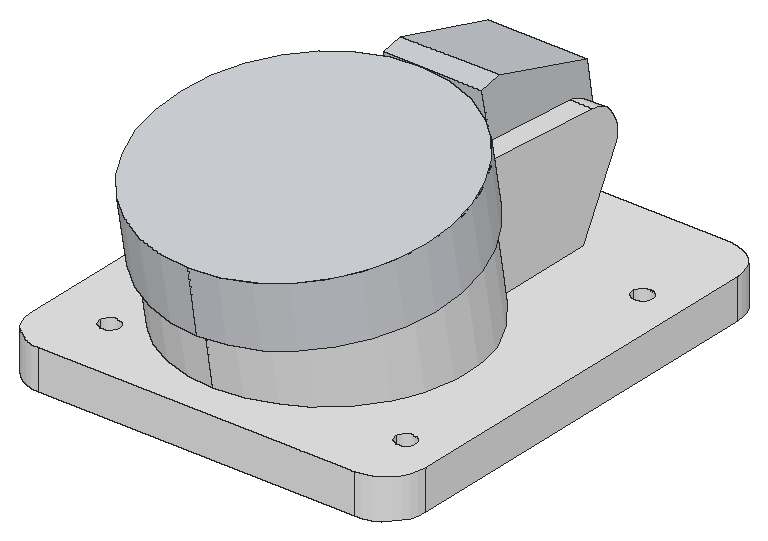
Revit family "Building-ConnessioniIEC309-GEWISS-IEC309HP-PRESE_FISSE_INC_10°_CABL_RAPIDO_32A_IP44-54", category Apparecchi elettrici, host Superficie, Revit 2019
Family settings
  Host = Superficie
  Mantenere orientamento annotazione = Sì
  Quota connettore circolare = Usa diametro
  Tipo di parte = Normale
  Taglio con vuoti quando caricato = No
  Condiviso = No
  Punto di calcolo locali = Sì
Parameters (values of type "GW62221FH - PR.INC.10°HP IP44 3P+N+T 32A 400V 6H  CR")
  simbolo acceso [instance] = yes
  distanza_simbolo [instance] = 1 mm
  distanza dal piano [instance] = 0 mm
  W = 115 mm  # constant formula
  Voltaggio = 0 V
  Versione file RFA = "21.11"
  URL = "https://www.gewiss.com/it/it"
  Tipologia = "Presa fissa da incasso 10°"
  Tipo Materiale = "Halogen free secondo norma EN 60754-2"
  Tipo Cablaggio = "Rapido a molla"
  Termopressione con biglia = "125 °C (Parti attive) - 80 °C (Parti passive)"
  Tensione nominale = "380-415V"
  Temperatura di utilizzo = "-25 +55 °C"
  Spostamento_effettivo_S [instance] = 4000 mm - Spostamento_S  # 3037.5 mm
  Spostamento_S = 962.5 mm
  Sportello_visibile = yes
  Sovraccarico ammissibile = "42A"
  Scheda Tecnica = "https://www.gewiss.com/it/it/search?q=GW62221FH"
  SPinotto = Default(2)
  SEO = "Presa"
  Riferimento h = "6"
  Resistenza di isolamento = "- 10 M?"
  Resistenza agli urti = "IK09"
  Default Elevation = 1219.2 mm
  Produttore = "GEWISS S.p.A."
  Prodotto a stock = ""
  Potere d'interruzione a 1,1 Un = "40A"
  Piastra = Default(2)
  N.poli = 1
  N. poli = "3P+N+T"
  N. Manovre complessive = "-2000"
  Modello = "GW62221FH"
  L = 155 mm  # constant formula
  Immagine tipo = (empty or 0)
  IDT = "ea62251e904f421b863a0432afd0cde4"
  IDF = "0a8fa4af-f47b-4b4b-82bf-a09e1c92fa23"
  Grado di protezione = "IP44/IP54"
  Glow wire test: = "850 °C (Parti attive) - 650 °C (Parti passive)"
  Frequenza = "50/60 Hz"
  FORMULA = 1000 mm * 1  # 1000 mm
  Dimensioni flangia (mm) = "95x80"
  Descrizione = "PR.INC.10°HP IP44 3P+N+T 32A 400V 6H  CR"
  Creato da GEWISS S.p.A. = ""
  Corrente nominale (A) = "32"
  Corpo centrale = Default(2)
  Colore: = "Rosso"
  Codice Electrocod = "2210"
  Catalogo = "BUILDING"
  CapacitÃ  serraggio morsetti = "2,5-6 mm² cavi flessibili - 2,5-10 mm² cavi rigidi"
  COBie.Tagnumber = ""
  COBie.CreatedOn = ""
  COBie.CreatebBy = ""
  COBie.ComponentRegisterItemID = ""
  COBie.Component.TagNumber = ""
  COBie.Component.Space = ""
  COBie.Component.SerialNumber = ""
  COBie.Component.InstallationDate = ""
  COBie.Component.Description = ""
  COBie.Component.BarCode = ""
  BLOCCO = "B=C"
Types (9, lengths in mm): name | Tensione nominale | Scheda Tecnica | Riferimento h | N. poli | Modello | IDT | Descrizione | Colore:
  GW62213FH - PR.INC.10°HP IP44 2P+T 32A 110V 4H CR | "100-130V" | "https://www.gewiss.com/it/it/search?q=GW62213FH" | "4" | "2P+T" | "GW62213FH" | "1a29e51ec85a46a7aa7b4e063b5f4dfe" | "PR.INC.10°HP IP44 2P+T 32A 110V 4H CR" | "Giallo"
  GW62214FH - PR.INC.10°HP IP44 3P+T 32A 110V 4H CR | "100-130V" | "https://www.gewiss.com/it/it/search?q=GW62214FH" | "4" | "3P+T" | "GW62214FH" | "3e2d1ef9349041adb697cb0c206958bf" | "PR.INC.10°HP IP44 3P+T 32A 110V 4H CR" | "Giallo"
  GW62215FH - PR.INC.10°HP IP44 3P+N+T 32A 110V 4H  CR | "100-130V" | "https://www.gewiss.com/it/it/search?q=GW62215FH" | "4" | "3P+N+T" | "GW62215FH" | "391de6e8d4364578aaf5f6f5835ea87c" | "PR.INC.10°HP IP44 3P+N+T 32A 110V 4H  CR" | "Giallo"
  GW62216FH - PR.INC.10°HP IP44 2P+T 32A 230V 6H  CR | "200-250V" | "https://www.gewiss.com/it/it/search?q=GW62216FH" | "6" | "2P+T" | "GW62216FH" | "d632abd1f47d4de7ae0eec2a7f0d6d52" | "PR.INC.10°HP IP44 2P+T 32A 230V 6H  CR" | "Blu"
  GW62217FH - PR.INC.10°HP IP44 3P+T 32A 230V 9H  CR | "200-250V" | "https://www.gewiss.com/it/it/search?q=GW62217FH" | "9" | "3P+T" | "GW62217FH" | "2674f72b4e094051ac8512a1e80a4ddd" | "PR.INC.10°HP IP44 3P+T 32A 230V 9H  CR" | "Blu"
  GW62218FH - PR.INC.10°HP IP44 3P+N+T 32A 230V 9H  CR | "200-250V" | "https://www.gewiss.com/it/it/search?q=GW62218FH" | "9" | "3P+N+T" | "GW62218FH" | "ed2de56715ee427d9fc60b9eb0edb760" | "PR.INC.10°HP IP44 3P+N+T 32A 230V 9H  CR" | "Blu"
  GW62219FH - PR.INC.10°HP IP44 2P+T 32A 400V 9H  CR | "380-415V" | "https://www.gewiss.com/it/it/search?q=GW62219FH" | "9" | "2P+T" | "GW62219FH" | "71f0b1ff5a834e5ea0ca7ae90810de54" | "PR.INC.10°HP IP44 2P+T 32A 400V 9H  CR" | "Rosso"
  GW62220FH - PR.INC.10°HP IP44 3P+T 32A 400V 6H  CR | "380-415V" | "https://www.gewiss.com/it/it/search?q=GW62220FH" | "6" | "3P+T" | "GW62220FH" | "04f9c54da22a4ecb8d4af48fcd0b2013" | "PR.INC.10°HP IP44 3P+T 32A 400V 6H  CR" | "Rosso"
  GW62221FH - PR.INC.10°HP IP44 3P+N+T 32A 400V 6H  CR | "380-415V" | "https://www.gewiss.com/it/it/search?q=GW62221FH" | "6" | "3P+N+T" | "GW62221FH" | "ea62251e904f421b863a0432afd0cde4" | "PR.INC.10°HP IP44 3P+N+T 32A 400V 6H  CR" | "Rosso"
Reference planes
  plane 1 "Centro (Fronte/Retro)": y = 0
  plane 2: z = 0
  plane 3 "Centro (Sinistra/Destra)": x = 0
  plane 4: x = -3000
  plane 5: x = 37.5
  plane 6: z = 0
Dimensions and locks
  plane 4 to plane 3 "Centro (Sinistra/Destra)" = 3000 mm
  "Spostamento_effettivo_S": plane 4 to plane 5
  "distanza dal piano": plane 6 to plane 2
  aligned and locked: plane 2 to host face
  aligned and locked: level to host face
  aligned and locked: plane 3 "Centro (Sinistra/Destra)" to nested 1
  aligned and locked: plane 1 "Centro (Fronte/Retro)" to nested 1
  aligned and locked: nested 2 to plane 5
Automatic sketch dimensions
  host sketch curve to host sketch curve = 2438.4 mm  (x2)
Nested families
  nested 1: "IEC309 PRESE FISSE INCASSO 10' CABL A MOLLA 32A IP44-54_BASE" at (0, 0, 0), type "IEC309 PRESE FISSE INCASSO 10' CABL A MOLLA 32A IP44-54_BASE"
  nested 2: "GWGW62201FH - SIMBOLO_PRESA" at (37.5, 171.559, 0), visible <- "simbolo acceso", Distanza dal muro <- "distanza_simbolo", type "3P"
    with SIMBOLO ACCESO yes, Distanza dal muro 1 mm
Connectors
  electrical at (37.5, 30, 0), driven by "N.poli", driven by "Voltaggio"
    settings: on nested 1, index 1, voltage 0 V, apparent load 0 VA, apparent load phase1 0 VA, apparent load phase2 0 VA, apparent load phase3 0 VA, power factor 1, load classification "Altro", number of poles 1, system type 31, power factor state 1, is connector primary yes, connector utility no, sub classification motor no, connector description ""
Definition of nested family "IEC309 PRESE FISSE INCASSO 10' CABL A MOLLA 32A IP44-54_BASE"
  Parameters (values of type "IEC309 PRESE FISSE INCASSO 10' CABL A MOLLA 32A IP44-54_BASE")
    sp_ghiera = 16 mm
    r2 = 28.5 mm
    h = 95 mm  # constant formula
    dis_base = 71 mm
    Sportello = yes
    Spinotto = none
    PIASTRA = none
    Lunghezza totale = 140 mm
    CENTRALE = none
    Bsae = 80 mm  # constant formula
  Reference planes
    plane 1 "Centro (Fronte/Retro)": y = 0
    plane 2: z = 0
    plane 3 "Centro (Sinistra/Destra)": x = 0
    plane 4: x = 80
    plane 5: x = 12
    plane 6: y = 13
    plane 7: x = 72
    plane 8: y = 73
    plane 9: y = 95
    plane 10: y = 36.5
    plane 11: x = 40
    plane 12: z = 8.057
    plane 13: y = 29
    plane 14: z = 23.239
    plane 15: through (37.5, 29, 1200) normal (-0.766, -0.6428, 0)
    plane 16: through (37.5, 29, 1200) normal (-0.766, 0.6428, 0)
  Forms (mm)
    Extrusion 1, solid, material <- "PIASTRA"
      sketch origin (0, 0, 0) x (1, 0, 0) y (0, 1, 0)
        loop
          arc (8, 95) -> (2.343, 92.657) -> (0, 87) r 8
          line (0, 87) -> (0, 8)
          arc (0, 8) -> (2.343, 2.343) -> (8, 0) r 8
          line (8, 0) -> (72, 0)
          arc (72, 0) -> (77.657, 2.343) -> (80, 8) r 8
          line (80, 8) -> (80, 87)
          arc (80, 87) -> (77.657, 92.657) -> (72, 95) r 8
          line (72, 95) -> (8, 95)
      from 0 to 8.057
    Sweep 2, solid, material <- "PIASTRA"
      path origin (0, 5.625, 1.25) x (0, 1, 0) y (0, 0, 1)
        loop
          line (28.063, 23.618) -> (31.416, 5.179)
      profile origin (0, 35.365, 15.648) x (0, 0.983865, 0.17891) y (1, 0, 0)
        loop
          circle (-0.621, 37.5) r 28.5
    Sweep 3, void
      path origin (0, 0.625, 0) x (0, 1, 0) y (0, 0, 1)
        loop
          line (18.381, 21.548) -> (20.759, 8.057)
      profile origin (0, 20.195, 14.803) x (0, 0.984809, 0.173644) y (1, 0, 0)
        loop
          circle (-1.772, 37.608) r 5
        loop
          circle (10.516, 29.004) r 5
        loop
          circle (10.516, 45.996) r 5
    Sweep 4, solid, visible <- "Sportello"
      path origin (0, 4.078, 1.045) x (0, 0.999986, 0.005351) y (0, -0.005351, 0.999986)
        loop
          line (28.975, 37.191) -> (31.331, 23.832)
      profile origin (0, 34.067, 31.717) x (0, 0.983865, 0.17891) y (1, 0, 0)
        loop
          circle (-2.622, 37.5) r 30
    Extrusion 5, void
      sketch origin (0, 0, 0) x (1, 0, 0) y (0, 1, 0)
        loop
          circle (12, 73) r 2.072
        loop
          circle (72, 73) r 2.072
        loop
          circle (12, 13) r 2.072
        loop
          circle (72, 13) r 2.072
      from 0 to 8.057
    Extrusion 6, solid, material <- "PIASTRA"
      sketch origin (0, 0, 0) x (0, 1, 0) y (0, 0, 1)
        loop
          line (82.07, 31.864) -> (55.217, 33.756) -> (59.658, 8.057) -> (79.532, 8.057) -> (87.658, 22.784)
          arc (87.658, 22.784) -> (87.197, 28.76) -> (82.07, 31.864) r 6.557
      from 24.077 to 29.987
    Extrusion 7, solid, material <- "PIASTRA"
      sketch origin (80, 0, 0) x (0, 1, 0) y (0, 0, -1)
        loop
          arc (82.07, -31.864) -> (87.197, -28.76) -> (87.658, -22.784) r 6.557
          line (87.658, -22.784) -> (79.532, -8.057) -> (59.658, -8.057) -> (55.217, -33.756) -> (82.07, -31.864)
      from 25.374 to 29.987
    Extrusion 8, solid
      sketch origin (0, 0, 0) x (0, 1, 0) y (0, 0, 1)
        loop
          line (86.345, 37.376) -> (64.321, 44.113) -> (59.79, 43.289) -> (61.605, 33.306) -> (82.07, 31.864)
          arc (82.07, 31.864) -> (86.043, 30.157) -> (88.089, 26.347) r 6.557
          line (88.089, 26.347) -> (86.345, 37.376)
      from 29.987 to 50.013
  Cuts and joins
    Sweep 3, Extrusion 5 cuts Extrusion 1
    Sweep 3, Extrusion 5 cuts Sweep 2
    joined: Extrusion 1, Sweep 2, Extrusion 6
  Dimensions and locks
    "Bsae": plane 3 "Centro (Sinistra/Destra)" to plane 4
    locked: plane 7 to plane 4 at 8
    "h": plane 1 "Centro (Fronte/Retro)" to plane 9
    equal spacing: plane 1 "Centro (Fronte/Retro)", plane 10, plane 8
    equal spacing: plane 3 "Centro (Sinistra/Destra)", plane 11, plane 4
    locked: plane 5 to plane 7 at 60
    locked: plane 8 to plane 6 at 60
    locked: plane 12 to level at 8.057
    plane 1 "Centro (Fronte/Retro)" to plane 13 = 29 mm
    plane 14 to plane 12 = 15.181 mm
    radius of Extrusion 1 sketch curve = 8 mm  (x4)
    "r2": radius of Sweep 2 sketch curve
    aligned and locked: level to plane 2
    aligned and locked: plane 9 to Extrusion 1
    aligned and locked: Extrusion 1 to plane 3 "Centro (Sinistra/Destra)"
    aligned and locked: plane 1 "Centro (Fronte/Retro)" to Extrusion 1
    aligned and locked: Extrusion 1 to plane 4
    aligned and locked: plane 12 to Extrusion 1
    aligned and locked: plane 5 to Extrusion 5 sketch curve  (x2)
    aligned and locked: plane 8 to Extrusion 5 sketch curve  (x2)
    aligned and locked: plane 7 to Extrusion 5 sketch curve  (x2)
    aligned and locked: plane 6 to Extrusion 5 sketch curve  (x2)
    aligned and locked: Extrusion 1 to Extrusion 5
    aligned and locked: Extrusion 8 to cut or joined group of Extrusion 1, Sweep 2, Sweep 3, Extrusion 5, Extrusion 6
    aligned and locked: Extrusion 8 to Extrusion 7
  Automatic sketch dimensions
    Extrusion 1 sketch curve to plane 3 "Centro (Sinistra/Destra)" = 0 mm
    Extrusion 1 sketch curve to plane 7 = 0 mm
    plane 1 "Centro (Fronte/Retro)" to Extrusion 1 sketch curve = 0 mm
    Extrusion 1 sketch curve to plane 9 = 0 mm
    Sweep 2 sketch curve to plane 10 = 2.812 mm
    plane 10 to Sweep 2 sketch curve = 0.541 mm
    Sweep 2 sketch curve to plane 12 = 1.629 mm
    plane 14 to Sweep 2 sketch curve = 1.629 mm
    Sweep 3 sketch curve to plane 12 = 0 mm
    Sweep 3 sketch curve to plane 14 = 1.691 mm
    plane 6 to Sweep 3 sketch curve = 6.006 mm
    Sweep 3 sketch curve to plane 13 = 7.616 mm
    profile plane to Sweep 3 sketch curve = 1.772 mm
    Sweep 3 sketch curve to profile plane = 10.516 mm  (x2)
    plane 3 "Centro (Sinistra/Destra)" to Sweep 3 sketch curve = 29.004 mm
    Sweep 3 sketch curve to Sweep 3 sketch curve = 8.604 mm
    Sweep 3 sketch curve to Sweep 3 sketch curve = 8.388 mm
    Sweep 4 sketch curve to plane 10 = 3.646 mm
    plane 14 to Sweep 4 sketch curve = 15.152 mm
    Sweep 4 sketch curve to Sweep 4 sketch curve = 2.356 mm
    Sweep 4 sketch curve to Sweep 4 sketch curve = 13.359 mm
    profile plane to Sweep 4 sketch curve = 2.622 mm
    plane 3 "Centro (Sinistra/Destra)" to Sweep 4 sketch curve = 37.5 mm
    Extrusion 6 sketch curve to plane 12 = 0 mm
    Extrusion 6 sketch curve to plane 8 = 17.783 mm
    Extrusion 6 sketch curve to plane 8 = 13.342 mm
    plane 8 to Extrusion 6 sketch curve = 6.532 mm
    plane 14 to Extrusion 6 sketch curve = 2.084 mm
    plane 8 to Extrusion 6 sketch curve = 8.612 mm
    Extrusion 6 sketch curve to Extrusion 6 sketch curve = 0.457 mm
    Extrusion 6 sketch curve to plane 14 = 0.455 mm
    Extrusion 6 sketch curve to Extrusion 6 sketch curve = 6.046 mm
    plane 14 to Extrusion 6 sketch curve = 10.517 mm
    Extrusion 7 sketch curve to plane 12 = 0 mm
    Extrusion 7 sketch curve to plane 8 = 17.783 mm
    Extrusion 7 sketch curve to plane 8 = 13.342 mm
    plane 8 to Extrusion 7 sketch curve = 6.532 mm
    plane 14 to Extrusion 7 sketch curve = 2.084 mm
    plane 8 to Extrusion 7 sketch curve = 8.612 mm
    Extrusion 7 sketch curve to Extrusion 7 sketch curve = 0.457 mm
    Extrusion 7 sketch curve to plane 14 = 0.455 mm
    Extrusion 7 sketch curve to Extrusion 7 sketch curve = 6.046 mm
    plane 14 to Extrusion 7 sketch curve = 10.517 mm
    plane 14 to Extrusion 8 sketch curve = 2.084 mm
    plane 8 to Extrusion 8 sketch curve = 8.612 mm
    Extrusion 8 sketch curve to Extrusion 8 sketch curve = 0.457 mm
    Extrusion 8 sketch curve to Extrusion 8 sketch curve = 6.541 mm
    Extrusion 8 sketch curve to plane 8 = 8.679 mm
    Extrusion 8 sketch curve to Extrusion 8 sketch curve = 2.716 mm
    Extrusion 8 sketch curve to Extrusion 8 sketch curve = 4.531 mm
    Extrusion 8 sketch curve to Extrusion 8 sketch curve = 4.275 mm
    plane 14 to Extrusion 8 sketch curve = 3.108 mm  (x2)
    Extrusion 8 sketch curve to Extrusion 8 sketch curve = 5.512 mm
    plane 14 to Extrusion 8 sketch curve = 10.067 mm
    Extrusion 8 sketch curve to Extrusion 8 sketch curve = 0.824 mm
    Extrusion 8 sketch curve to Extrusion 8 sketch curve = 0 mm
    profile plane to Sweep 2 sketch curve = 0.621 mm
    plane 3 "Centro (Sinistra/Destra)" to Sweep 2 sketch curve = 37.5 mm
    radius of Sweep 3 sketch curve = 5 mm  (x3)
    radius of Sweep 4 sketch curve = 30 mm
    radius of Extrusion 5 sketch curve = 2.072 mm  (x4)
Definition of nested family "GWGW62201FH - SIMBOLO_PRESA"
  Parameters (values of type "3P")
    SIMBOLO ACCESO [instance] = yes
    Distanza dal muro [instance] = 0 mm
  Reference planes
    plane 1: y = 0
    plane 2: x = 0
  Dimensions and locks
    "Distanza dal muro": plane 1 to nested 1
    aligned and locked: plane 2 to nested 1
  Nested families
    nested 1: "GWGW62201FH - SIMBOLO" at (0, 0, 0), visible <- "SIMBOLO ACCESO", type "3P"
  Definition of nested family "GWGW62201FH - SIMBOLO"
    Parameters (values of type "3P")
      CORNICE SIMBOLO [instance] = yes
      3P = yes
    Reference planes
      plane 1: y = 0
      plane 2: x = 0
    Lines and regions (mm)
      detail lines
        curve 1: circle (-0.314, 0.674, 0) r 0.057 normal (0, 0, 1)
        curve 2: arc (0.346, -0.009, 0) -> (0, 0.337, 0) -> (-0.346, -0.009, 0) r 0.346
        curve 3: line (0, 0.337, 0) -> (0.346, 0.337, 0)
        curve 4: line (0, 3.386, 0) -> (0, 0.337, 0)
        curve 5: line (0, 0.337, 0) -> (-0.314, 0.674, 0)
